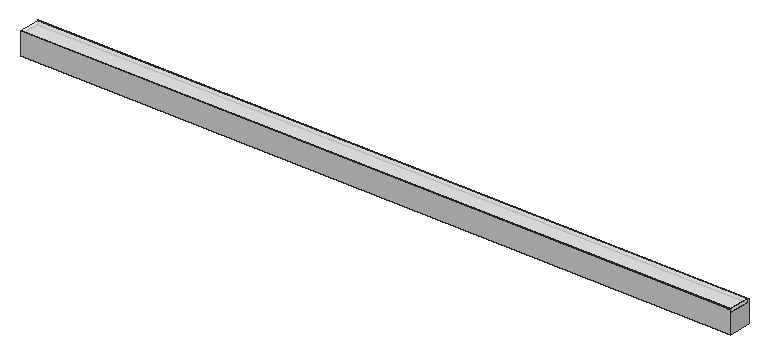
Revit family "Lighting-Luminii-Kurba_Large_Horizontal", category Lighting Fixtures, host Face, Revit 2020
Family settings
  Host = Face
  Round Connector Dimension = Use Diameter
  Part Type = Normal
  OmniClass Number = 23.80.70.11.14.11
  OmniClass Title = Downlights
  Cut with Voids When Loaded = No
  Light Source = Yes
  Shared = Yes
  Room Calculation Point = No
Parameters (values of type "Kubra Large Horizontal Pool Rated")
  Width = 3/4"  # constant formula
  Wattage Comments = "3.7 W/ft"
  Wattage = 3.7 W
  Warranty URL = "https://www.luminii.com/terms-conditions/"
  built-in parameter 1150110 = 1 (stored number, unit not read)
  Voltage Comments = "120VAC - 277VAC"  # constant formula
  Voltage = 120 V
  Version = "2020 - v1.0a"  # constant formula
  URL = "https://www.luminii.com/"
  built-in parameter 1114217 = 1 (stored number, unit not read)
  Tilt Angle = -90.00°  # constant formula
  built-in parameter 1150109 = 1 (stored number, unit not read)
  built-in parameter 1150134 = (empty or 0)
  built-in parameter 1150113 = 1 (stored number, unit not read)
  Support Phone = "224-699-9545"  # constant formula
  Support Email = "mailto:support@bimsmith.com"
  Product Page URL = "https://www.luminii.com/product/kurba-large-horizontal-pool-rated/"
  Power Source Type = "Driver"  # constant formula
  Power Factor = 1
  Photometric Web File = "KBL-F-V-30K-24V.IES"
  Phase = 1
  Operating Temperature = "Consult Manufacturer Website for more Information"  # constant formula
  Number of Poles = if(and(or(Voltage = 120 V, Voltage = 277 V), Phase = 1), 1, if(and(or(Voltage = 208 V, Voltage = 240 V), Phase = 1), 2, if(and(or(Voltage = 208 V, Voltage = 240 V), Phase = 3), 3, if(and(Voltage > 300 V, Phase = 1), 2, if(and(Voltage > 400 V, Phase = 3), 3, 1)))))  # 1
  Mounting Method = "Mounting Options: Mounting Channel, Mounting Bracket"  # constant formula
  Model = "KBL-SF-H-PL"  # constant formula
  Manufacturer Phone Number = "403-216-7043"  # constant formula
  Manufacturer Email = "mailto: info@sensolighting.com"
  Manufacturer Address = "302 50 Ave SE. Calgary, Alberta, T2G 2A9 Canada"  # constant formula
  Manufacturer = "Luminii"  # constant formula
  built-in parameter 1150105 = 14.162 (stored number, unit not read)
  Lumens = 177.97 lm
  Luminaire Type = "Flexible LED strip 24 VDC"  # constant formula
  built-in parameter 1150115 = 1 (stored number, unit not read)
  Load Classification = Lighting
  built-in parameter 1150137 = (empty or 0)
  built-in parameter 1150139 = (empty or 0)
  Lens Material = Plastic - Luminii - Frosted Lens
  Length [instance] = if(Desired Length < 12", 12", if(Desired Length > 216", 216", (round(Desired Length / 2")) * 2"))  # 24"
  built-in parameter 1150112 = 1 (stored number, unit not read)
  built-in parameter 1150114 = 1 (stored number, unit not read)
  Lamp Life = 1
  Lamp = "LED"  # constant formula
  Keynote = "26 50 00"
  built-in parameter 1150132 = (empty or 0)
  built-in parameter 1150102 = (empty or 0)
  built-in parameter 1150107 = 3000 (stored number, unit not read)
  Initial Color Comments = "Perfomance based on 3000K Photometric Web File"  # constant formula
  built-in parameter 1150138 = (empty or 0)
  built-in parameter 1150106 = 0.14162 (stored number, unit not read)
  Housing Protection Rating = "Consult Manufacturer Website for more Information"  # constant formula
  Height = 3/4"  # constant formula
  Has Dimming = 1 = 1  # yes
  Has Battery Backup = 0 = 1  # no
  Frequency Comments = ""  # constant formula
  Frequency = 60 Hz
  Finish = Metal - Luminii - Silver Anodized Aluminum
  Environment = "Pool Rated"  # constant formula
  Emit from Line Length = 48"
  built-in parameter 1150104 = 4.4686 (stored number, unit not read)
  Dimming Type = "Consult Manufacturer Website for more Information"  # constant formula
  Dimming Lamp Color Temperature Shift = <None>
  Desired Length [instance] = 24"
  Description = "Flexible LED strip 24 VDC"  # constant formula
  Default Elevation = 0"  # constant formula
  Current Amps = 50 A
  Copyright = "©2024 Luminii"  # constant formula
  Control Zone = "Consult Manufacturer Website for more Information"  # constant formula
  Control Type = "Consult Manufacturer Website for more Information"  # constant formula
  Color Filter = 16777215
  built-in parameter 1114216 [instance] = 0  # (empty or 0)
  built-in parameter 1140040 [instance] = 1 = 1  # 1
  CCT = "3000K"
  built-in parameter 1114218 = 1 (stored number, unit not read)
  built-in parameter 1150133 = 10 (stored number, unit not read)
  Assembly Code = "D5040.50"
  Apparent Load = Wattage / Power Factor  # 3.7 VA
Reference planes (in)
  plane 1 "Center (Front/Back)": y = 0
  plane 2: z = 0
  plane 3 "Center (Left/Right)": x = 0
  plane 4: x = 0
  plane 5: x = 0
  plane 6: y = 0.375
  plane 7: y = -0.375
  plane 8: x = -12
  plane 9: x = 12
  plane 10: z = 0
  plane 11: z = 0.75
Forms (in)
  Extrusion 1, solid, material "Metal - Luminii - Silver Anodized Aluminum", not visible
    sketch origin (0, 0, -0.01563) x (1, 0, 0) y (0, 1, 0)
      loop
        circle (0, 0) r 0.03125
    from 0.01562 to 0.02575
Dimensions and locks (in)
  equal spacing: plane 4, plane 3 "Center (Left/Right)", plane 5
  equal spacing: plane 6, plane 1 "Center (Front/Back)", plane 7
  plane 4 to plane 5 = 0"
  "Width": plane 6 to plane 7
  equal spacing: plane 8, plane 3 "Center (Left/Right)", plane 9
  "Length": plane 8 to plane 9
  Extrusion 1 to plane 2 = 0.01013"
  plane 1 "Center (Front/Back)" to imposter light = 0"
  locked: plane 10 to plane 2
  locked: Extrusion 1 to plane 10 at 0.01013
  "Height": plane 11 to plane 10
  aligned and locked: plane 2 to host face
  aligned and locked: plane 3 "Center (Left/Right)" to Extrusion 1 sketch curve
  aligned and locked: imposter light to plane 3 "Center (Left/Right)"
  aligned and locked: plane 1 "Center (Front/Back)" to Extrusion 1 sketch curve
  aligned and locked: plane 10 to Extrusion 1
  aligned and locked: imposter light to plane 11
  aligned and locked: plane 1 "Center (Front/Back)" to imposter light
Automatic sketch dimensions
  host sketch curve to host sketch curve = 96"  (x2)
  radius of Extrusion 1 sketch curve = 1/32"
Nested families (in)
  nested 1: "Nested Lamp" at (0, 0, 0), type "Nested Lamp"
Connectors (in)
  electrical at (0, 0, 0), driven by "Number of Poles", driven by "Load Classification", driven by "Voltage", driven by "Apparent Load", driven by "Power Factor"
    settings: on Extrusion 1, index 1, voltage 120 V, apparent load 3.7 VA, apparent load phase1 0 VA, apparent load phase2 0 VA, apparent load phase3 0 VA, power factor 1, load classification "Lighting", number of poles 1, system type 30, power factor state 1, is connector primary yes, connector utility no, sub classification motor no, connector description "Power Connection"
Definition of nested family "Nested Lamp"
  Parameters (values of type "Nested Lamp")
    Width = 3/4"
    Lens = none
    Length = 24"
    Height = 3/4"
    Finish = none
    Default Elevation = 48"
  Reference planes (in)
    plane 1 "Center (Front/Back)": y = 0
    plane 2: z = 0
    plane 3 "Center (Left/Right)": x = 0
    plane 4: x = -11.92187
    plane 5: x = 11.92188
    plane 6: x = 12
    plane 7: x = -12
    plane 8: y = 0.375
    plane 9: y = -0.375
    plane 10: z = 0.75
  Forms (in)
    Extrusion 1, solid
      sketch origin (0, 0, 0) x (1, 0, 0) y (0, 1, 0)
        loop
          line (-48, 48) -> (-48, -48) -> (48, -48) -> (48, 48) -> (-48, 48)
      from 0 to -12
    Sweep 2, solid, material <- "Lens"
      path origin (0, 0, 0) x (1, 0, 0) y (0, 1, 0)
        loop
          line (-11.92187, 0) -> (11.92188, 0)
      profile origin (0, 0, 0) x (0, 1, 0) y (0, 0, 1)
        loop
          line (0.34375, 0.75) -> (-0.34375, 0.75) -> (-0.34375, 0.625) -> (0.34375, 0.625) -> (0.34375, 0.75)
    Sweep 3, solid, material <- "Finish"
      path origin (0, 0, 0) x (1, 0, 0) y (0, 1, 0)
        loop
          line (-11.92187, 0) -> (11.92188, 0)
      profile origin (0, 0, 0) x (0, 1, 0) y (0, 0, 1)
        loop
          line (0.375, 0.75) -> (0.34375, 0.75) -> (0.34375, 0.625) -> (-0.34375, 0.625) -> (-0.34375, 0.75) -> (-0.375, 0.75) -> (-0.375, 0) -> (0.375, 0) -> (0.375, 0.75)
  Dimensions and locks (in)
    "Length": plane 7 to plane 6
    locked: plane 7 to plane 4 at 0.07813
    locked: plane 5 to plane 6 at 0.07813
    equal spacing: plane 7, plane 3 "Center (Left/Right)", plane 6
    "Height": plane 10 to plane 2
    equal spacing: plane 8, plane 1 "Center (Front/Back)", plane 9
    "Width": plane 8 to plane 9
    aligned and locked: plane 2 to Extrusion 1
    aligned and locked: level to Extrusion 1
    aligned and locked: plane 5 to Sweep 2 sketch curve
    aligned and locked: plane 4 to Sweep 2 sketch curve
    aligned and locked: plane 1 "Center (Front/Back)" to Sweep 2 sketch curve
  Automatic sketch dimensions
    Extrusion 1 sketch curve to Extrusion 1 sketch curve = 96"  (x2)
    plane 1 "Center (Front/Back)" to Sweep 3 sketch curve = 0"
    Sweep 3 sketch curve to plane 4 = 0"
    Sweep 3 sketch curve to plane 5 = 0"
    level to Sweep 2 sketch curve = 3/4"
    Sweep 2 sketch curve to profile plane = 11/32"
    level to Sweep 2 sketch curve = 5/8"
    profile plane to Sweep 2 sketch curve = 11/32"
    Sweep 3 sketch curve to level = 0"
    profile plane to Sweep 3 sketch curve = 3/8"
    Sweep 3 sketch curve to profile plane = 11/32"
    Sweep 3 sketch curve to Sweep 3 sketch curve = 1/8"  (x2)
    Sweep 3 sketch curve to Sweep 3 sketch curve = 1/32"  (x2)
    level to Sweep 3 sketch curve = 5/8"
